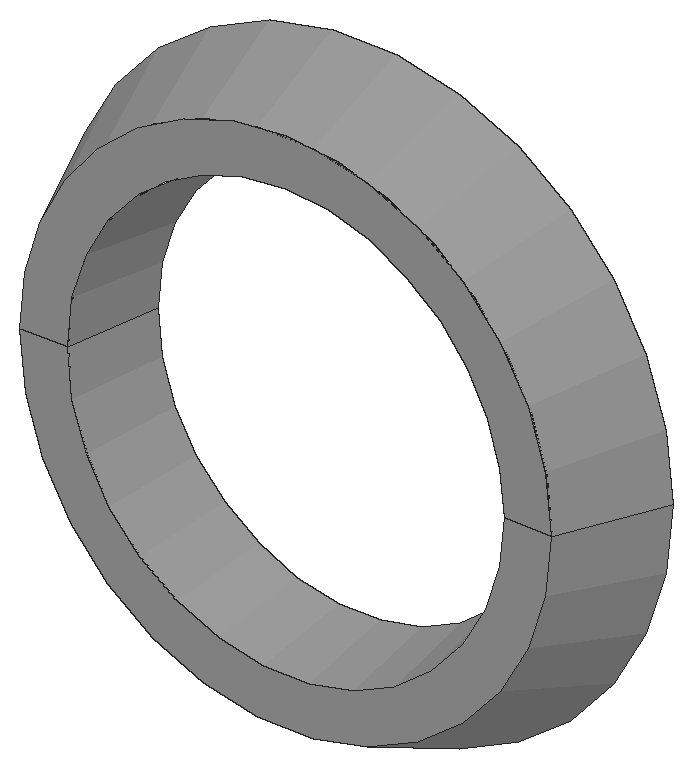
Revit family "VK474", category Sprinklers, Revit 2012
Parameters
  URL = "http://www.vikinggroupinc.com/databook/sprinklers/residential/0212109.pdf"
  Model = "VK474"
  Manufacturer = "Viking"
  K-Factor = 5.8
Reference planes (in)
  plane 1 "Center (Front/Back)": y = 0
  plane 2: z = 0
  plane 3 "Center (Left/Right)": x = 0
  plane 4 "Threads": y = -0.69168
Forms (in)
  Revolve 1, solid, material "Default"
    sketch origin (0, 0, 0) x (1, 0, 0) y (0, 1, 0)
      loop
        line (0.40292, -0.89962) -> (0.26471, -0.90792) -> (0.28602, -1.02877) -> (0.3481, -1.02877) -> (0.40292, -0.89962)
      axis (0, -0.89962) -> (0, -1.02877)
    angle from 0 to 360
Dimensions and locks (in)
  aligned and locked: plane 2 to level
Connectors (in)
  piping at (0, -0.69168, 0)
    settings: index 1, connector radius 1", flow factor 0, pipe flow 0 GPM, pressure drop 0.00 psi, fitting loss kfactor 0, connector angle 0.00°, fixture units 0, engagement length 0' - 0", flow configuration 0, flow direction 0, fitting loss method 0, system type 7, joint type 0, gender type 0, connector reference index -1, connector utility 0, adjustable connector no, is connector primary yes, fitting loss table "", connector description ""
